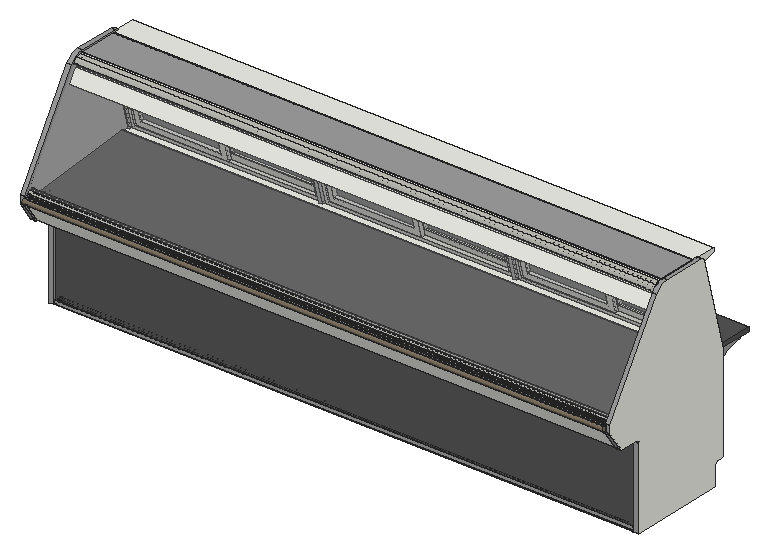
Revit family "R1-MN_2014", category Specialty Equipment, Revit 2014
Parameters (values of type "12'-0" Length")
  Width = 144"
  Waste Drain = 1 1/2"  # constant formula
  URL = "www.hussmann.com"
  Type Comments = "Chino"  # constant formula
  Trim = Stainless Steel
  Total Weight = Case Weight + (2 * End Weight)  # 0.00 lbf
  Splashguard = Textured Sheet Metal (Steel Painted) - 701 Black
  Side Panel - Right [instance] = yes
  Side Panel - Left [instance] = yes
  Shelves = Sheet Metal (Steel Painted) - 701 Black
  Revit Family Date = "04/20/2016"  # constant formula
  Refrigeration Lines Suction = 5/8"  # constant formula
  Refrigeration Lines Liquid = 3/8"  # constant formula
  Refrig. Suction = "Suction"
  Refrig. Liquid = "Liquid"
  Number of Supports = if(Width < 50", 2, if(Width < 100", 3, 4))  # 4
  Note from Manufacturer = "This model only comes in 4'-0\", 5'-0\", 6'-0\", 8'-0\", 10'-0\" and 12'-0\" lengths."
  Model URL = "http://www.hussmann.com/en/product%20viewer/display-cases/R1-MN,%20CR1-MN,%20R1-FN,%20CR1-FN"
  Model = "R1-MN"  # constant formula
  Manufacturer Disclaimer = "The information in this file is not intended to be an exact representation of the corresponding Hussmann product.  Further, we reserve the right to change or revise specifications and product design in connection with any feature of our products. Such changes do not entitle the buyer to corresponding changes, improvements, additions, or replacements for equipment previously sold or shipped."  # constant formula
  Manufacturer = "Hussmann Corporation"  # constant formula
  Height = 52 1/4"  # constant formula
  Glazing = Glass
  Ends = Textured Sheet Metal (Steel Painted) - 149 White Satin Matte
  End Weight = 0.00 lbf  # constant formula
  Door Frame = Plastic - 144 Mist Gray
  Description = "Narrow Footprint Service Merchandiser for Meat Seafood - Straight Glass"  # constant formula
  Depth = 35 3/8"  # constant formula
  Cutsheet URL = "http://www.hussmann.com/en/Technical%20Documents/R1-MN,%20R1-FN_ds_En.pdf"
  Close Off Panel = Textured Sheet Metal (Steel Painted) - 701 Black
  Case Weight = if(Width = 48", 0.00 lbf, if(Width = 60", 0.00 lbf, if(Width = 72", 0.00 lbf, if(Width = 96", 0.00 lbf, if(Width = 120", 0.00 lbf, if(Width = 144", 0.00 lbf, 0.00 lbf))))))  # 0.00 lbf
  Case Top Shelf = Stainless Steel
  Case Interior - Side Panel = Stainless Steel
  Case Interior - Back Panel = Stainless Steel
  Case = Textured Sheet Metal (Steel Painted) - 149 White Satin Matte
  Bumper = Extruded PVC - 747 Chocolate Brown
  Assembly Code = ""
  Accessories/Options = ""
  8 Case = Width = 96"  # no
  6 Case = Width = 72"  # no
  5 Case = Width = 60"  # no
  4 Case = Width = 48"  # no
  12 Case = Width = 144"  # yes
  10 Case = Width = 120"  # no
Reference planes (in)
  plane 1 "Back": y = 0
  plane 2 "Bottom": z = 0
  plane 3 "Left": x = -77.30699
  plane 4 "Front": y = -35.375
  plane 5 "Center (Left/Right)": x = -5.30699
  plane 6: x = -78.43199
  plane 7 "Right": x = 66.69301
  plane 8: x = 67.81801
  plane 9: z = 30
  plane 10: z = 52.25
Forms (in)
  Extrusion 1, solid, material "Metal - Copper"
    sketch origin (57.40105, 5, -0.375) x (1, 0, 0) y (0, 1, 0)
      loop
        circle (6.97946, -27.375) r 0.28859
      loop
        circle (6.97946, -27.375) r 0.3125
    from 4.26162 to 0.375
  Extrusion 2, solid, material "Metal - Copper"
    sketch origin (59.82608, 5, -0.375) x (1, 0, 0) y (0, 1, 0)
      loop
        circle (5.05443, -27.375) r 0.17188
      loop
        circle (5.05443, -27.375) r 0.1875
    from 4.26162 to 0.375
  Extrusion 3, solid, material "Metal - Copper"
    sketch origin (-56.6875, 1.04319, 0) x (1, 0, 0) y (0, 1, 0)
      loop
        arc (57.38051, -17.29319) -> (56.85018, -17.51286) -> (56.63051, -18.04319) r 0.75
        arc (56.63051, -18.04319) -> (56.85018, -18.57352) -> (57.38051, -18.79319) r 0.75
        arc (57.38051, -18.79319) -> (57.91084, -18.57352) -> (58.13051, -18.04319) r 0.75
        arc (58.13051, -18.04319) -> (57.91084, -17.51286) -> (57.38051, -17.29319) r 0.75
      loop
        circle (57.38051, -18.04319) r 0.7102
    from 24.99156 to 4.93193
  Extrusion 4, solid, material "Textured Sheet Metal (Steel Painted) - 149 White Satin Matte" <- "Case"
    sketch origin (-77.30699, 0, 0) x (0, 1, 0) y (0, 0, 1)
      loop
        line (-30.96672, 21.06432) -> (-25.40014, 21.06432) -> (-25.40014, 23.42906) -> (-3.34539, 23.42906) -> (-3.34539, 22.16643) -> (-0.27239, 22.16643) -> (-0.27239, 29.18715) -> (-0.98482, 29.18715) -> (-2.04199, 28.90389) -> (-2.11789, 29.18715) -> (-4.09438, 29.18715) -> (-4.09438, 25.60021) -> (-15.14426, 24.99156) -> (-19.14426, 24.99156) -> (-28.95154, 25.61227) -> (-32.12765, 27.446) -> (-32.12765, 28.17431) -> (-32.80458, 28.17431) -> (-33.46384, 27.31514) -> (-34.47813, 27.79886) -> (-34.50504, 27.74244) -> (-34.50504, 26.30682) -> (-30.96672, 21.06432)
      loop
        spline (-18.2878, 46.64674) -> (-18.28341, 46.59034) -> (-18.27422, 46.53453) -> (-18.26029, 46.4797) -> (-18.24173, 46.42626) -> (-18.21867, 46.3746) -> (-18.19129, 46.3251) -> (-18.15977, 46.27812) -> (-18.12436, 46.234) -> (-18.08531, 46.19306) -> (-18.04291, 46.15561) -> (-17.99746, 46.12191) -> (-17.9493, 46.09222)
        line (-17.9493, 46.09222) -> (-15.84359, 44.91503)
        spline (-15.84359, 44.91503) -> (-15.83408, 44.90986) -> (-15.82435, 44.9051) -> (-15.81443, 44.90077) -> (-15.80433, 44.89688) -> (-15.79407, 44.89342) -> (-15.78367, 44.89042) -> (-15.77315, 44.88786) -> (-15.76252, 44.88576) -> (-15.75182, 44.88413) -> (-15.74106, 44.88296) -> (-15.73026, 44.88226) -> (-15.71943, 44.88202)
        line (-15.71943, 44.88202) -> (-12.357, 44.88202)
        spline (-12.357, 44.88202) -> (-12.35154, 44.88196) -> (-12.34609, 44.88179) -> (-12.34065, 44.88149) -> (-12.33521, 44.88107) -> (-12.32979, 44.88054) -> (-12.32437, 44.87989) -> (-12.31898, 44.87912) -> (-12.3136, 44.87823) -> (-12.30824, 44.87722) -> (-12.3029, 44.8761) -> (-12.29759, 44.87487) -> (-12.29231, 44.87351)
        line (-12.29231, 44.87351) -> (-10.46491, 44.38409)
        arc (-10.46491, 44.38409) -> (-10.3284, 44.40208) -> (-10.24457, 44.51132) r 0.17993
        line (-10.24457, 44.51132) -> (-9.91496, 45.74108)
        arc (-9.91496, 45.74108) -> (-9.87327, 45.84171) -> (-9.80694, 45.92812) r 0.41714
        line (-9.80694, 45.92812) -> (-9.50259, 46.23235)
        arc (-9.50259, 46.23235) -> (-9.4629, 46.28405) -> (-9.43795, 46.34427) r 0.24962
        line (-9.43795, 46.34427) -> (-8.88858, 48.39393)
        spline (-8.88858, 48.39393) -> (-8.88834, 48.40743) -> (-8.88628, 48.42076) -> (-8.88245, 48.4337) -> (-8.87691, 48.44601) -> (-8.86976, 48.45745) -> (-8.86114, 48.46784) -> (-8.8512, 48.47696) -> (-8.84012, 48.48467) -> (-8.8281, 48.49081) -> (-8.81537, 48.49528) -> (-8.80215, 48.498) -> (-8.78869, 48.49891)
        line (-8.78869, 48.49891) -> (-8.19126, 48.49891) -> (-8.5491, 49.83433) -> (-6.26045, 49.83433) -> (-5.62893, 50.01575) -> (-5.73631, 50.47827) -> (-5.51064, 50.53874) -> (-5.38898, 50.08468) -> (-1.09423, 51.31845) -> (-1.09423, 52.326) -> (-7.24048, 52.326) -> (-7.24048, 51.90126) -> (-17.14248, 51.90126) -> (-17.14248, 52.27133) -> (-17.24222, 52.27133)
        arc (-17.24222, 52.27133) -> (-17.41159, 52.04813) -> (-17.49839, 51.78172) r 0.84252
        arc (-17.49839, 51.78172) -> (-17.51191, 51.48734) -> (-17.46723, 51.19605) r 1.49024
        arc (-17.46723, 51.19605) -> (-17.30579, 51.10121) -> (-17.14248, 51.19277) r 0.18807
        line (-17.14248, 51.19277) -> (-17.14248, 49.76933) -> (-19.09326, 49.76933) -> (-20.87746, 46.94915) -> (-20.68211, 46.94915) -> (-20.00505, 48.01933) -> (-18.33581, 48.01933) -> (-18.2878, 46.64674)
    from 0 to 144 <- "Width"
  Extrusion 5, solid, material "Textured Sheet Metal (Steel Painted) - 701 Black" <- "Close Off Panel"
    sketch origin (-77.30699, 0, 0) x (0, 1, 0) y (0, 0, 1)
      loop
        line (-24.84706, 22.55058) -> (-25.34706, 22.55058) -> (-25.34706, 0.25) -> (-24.84706, 0.25) -> (-24.84706, 22.55058)
    from 0 to 144 <- "Width"
  Extrusion 6, solid, material "Stainless Steel"
    sketch origin (-77.30699, 0, 0) x (0, 1, 0) y (0, 0, 1)
      loop
        line (-25.49133, 0.092) -> (-25.49133, 1) -> (-25.55333, 1) -> (-25.55333, 0.092)
        arc (-25.55333, 0.092) -> (-25.52638, 0.02695) -> (-25.46133, 0) r 0.092
        line (-25.46133, 0) -> (-24.75206, 0)
        arc (-24.75206, 0) -> (-24.68701, 0.02695) -> (-24.66006, 0.092) r 0.092
        line (-24.66006, 0.092) -> (-24.66006, 0.846)
        arc (-24.66006, 0.846) -> (-24.62843, 0.76963) -> (-24.55206, 0.738) r 0.108
        line (-24.55206, 0.738) -> (-23.82806, 0.738)
        arc (-23.82806, 0.738) -> (-23.80685, 0.72921) -> (-23.79806, 0.708) r 0.03
        line (-23.79806, 0.708) -> (-23.79806, 0.108)
        arc (-23.79806, 0.108) -> (-23.76643, 0.03163) -> (-23.69006, 0) r 0.108
        line (-23.69006, 0) -> (-22.09006, 0)
        arc (-22.09006, 0) -> (-22.0137, 0.03163) -> (-21.98206, 0.108) r 0.108
        line (-21.98206, 0.108) -> (-21.98206, 0.708)
        arc (-21.98206, 0.708) -> (-21.97328, 0.72921) -> (-21.95206, 0.738) r 0.03
        line (-21.95206, 0.738) -> (-21.24606, 0.738) -> (-21.24606, 0.816) -> (-21.95206, 0.816)
        arc (-21.95206, 0.816) -> (-22.02843, 0.78437) -> (-22.06006, 0.708) r 0.108
        line (-22.06006, 0.708) -> (-22.06006, 0.108)
        arc (-22.06006, 0.108) -> (-22.06885, 0.08679) -> (-22.09006, 0.078) r 0.03
        line (-22.09006, 0.078) -> (-22.13106, 0.078) -> (-23.65499, 0.078) -> (-23.69006, 0.078)
        arc (-23.69006, 0.078) -> (-23.71128, 0.08679) -> (-23.72006, 0.108) r 0.03
        line (-23.72006, 0.108) -> (-23.72006, 0.708)
        arc (-23.72006, 0.708) -> (-23.7517, 0.78437) -> (-23.82806, 0.816) r 0.108
        line (-23.82806, 0.816) -> (-24.55206, 0.816)
        arc (-24.55206, 0.816) -> (-24.57328, 0.82479) -> (-24.58206, 0.846) r 0.03
        line (-24.58206, 0.846) -> (-24.58206, 1.614) -> (-24.66006, 1.614) -> (-24.72206, 1.614) -> (-24.72206, 0.092)
        arc (-24.72206, 0.092) -> (-24.73085, 0.07079) -> (-24.75206, 0.062) r 0.03
        line (-24.75206, 0.062) -> (-25.46133, 0.062)
        arc (-25.46133, 0.062) -> (-25.48254, 0.07079) -> (-25.49133, 0.092) r 0.03
      loop
        line (-5.6802, 0.816) -> (-5.6802, 0.738) -> (-4.9742, 0.738)
        arc (-4.9742, 0.738) -> (-4.95298, 0.72921) -> (-4.9442, 0.708) r 0.03
        line (-4.9442, 0.708) -> (-4.9442, 0.108)
        arc (-4.9442, 0.108) -> (-4.91256, 0.03163) -> (-4.8362, 0) r 0.108
        line (-4.8362, 0) -> (-3.2362, 0)
        arc (-3.2362, 0) -> (-3.15983, 0.03163) -> (-3.1282, 0.108) r 0.108
        line (-3.1282, 0.108) -> (-3.1282, 0.708)
        arc (-3.1282, 0.708) -> (-3.11941, 0.72921) -> (-3.0982, 0.738) r 0.03
        line (-3.0982, 0.738) -> (-2.3742, 0.738)
        arc (-2.3742, 0.738) -> (-2.29783, 0.76963) -> (-2.2662, 0.846) r 0.108
        line (-2.2662, 0.846) -> (-2.2662, 1.614) -> (-2.3442, 1.614) -> (-2.3442, 0.816) -> (-3.0982, 0.816)
        arc (-3.0982, 0.816) -> (-3.17456, 0.78437) -> (-3.2062, 0.708) r 0.108
        line (-3.2062, 0.708) -> (-3.2062, 0.078) -> (-4.79099, 0.078) -> (-4.8662, 0.078) -> (-4.8662, 0.708)
        arc (-4.8662, 0.708) -> (-4.89783, 0.78437) -> (-4.9742, 0.816) r 0.108
        line (-4.9742, 0.816) -> (-5.6802, 0.816)
      loop
        arc (-34.46545, 27.83461) -> (-34.52727, 27.82972) -> (-34.55686, 27.77522) r 0.065
        line (-34.55686, 27.77522) -> (-34.55686, 25.97822)
        arc (-34.55686, 25.97822) -> (-34.49186, 25.91322) -> (-34.42686, 25.97822) r 0.065
        line (-34.42686, 25.97822) -> (-34.42686, 26.19099) -> (-34.46186, 26.24285) -> (-34.46186, 25.97822)
        arc (-34.46186, 25.97822) -> (-34.49186, 25.94822) -> (-34.52186, 25.97822) r 0.03
        line (-34.52186, 25.97822) -> (-34.52186, 27.77522)
        arc (-34.52186, 27.77522) -> (-34.50821, 27.80037) -> (-34.47967, 27.80263) r 0.03
        line (-34.47967, 27.80263) -> (-34.25552, 27.70293) -> (-34.2413, 27.73491) -> (-34.46545, 27.83461)
      loop
        line (-31.92017, 28.21086) -> (-31.92017, 27.49715)
        arc (-31.92017, 27.49715) -> (-31.91146, 27.46465) -> (-31.88767, 27.44085) r 0.065
        line (-31.88767, 27.44085) -> (-31.35628, 27.13405) -> (-30.92326, 26.88405) -> (-30.39187, 26.57725) -> (-30.28362, 26.51475) -> (-29.759, 26.21186)
        arc (-29.759, 26.21186) -> (-29.73778, 26.20414) -> (-29.71521, 26.20414) r 0.065
        line (-29.71521, 26.20414) -> (-28.88879, 26.34986)
        arc (-28.88879, 26.34986) -> (-28.86637, 26.34489) -> (-28.85403, 26.32553) r 0.03
        line (-28.85403, 26.32553) -> (-28.75741, 25.77756)
        arc (-28.75741, 25.77756) -> (-28.73068, 25.7356) -> (-28.68211, 25.72483) r 0.065
        line (-28.68211, 25.72483) -> (-27.45412, 25.94136)
        arc (-27.45412, 25.94136) -> (-27.4317, 25.93639) -> (-27.41936, 25.91703) r 0.03
        line (-27.41936, 25.91703) -> (-27.36906, 25.63173)
        arc (-27.36906, 25.63173) -> (-27.34894, 25.59507) -> (-27.31065, 25.57826) r 0.065
        line (-27.31065, 25.57826) -> (-26.85786, 25.53905) -> (-26.85484, 25.57392) -> (-27.30763, 25.61313)
        arc (-27.30763, 25.61313) -> (-27.3253, 25.62089) -> (-27.33459, 25.6378) r 0.03
        line (-27.33459, 25.6378) -> (-27.3849, 25.9231)
        arc (-27.3849, 25.9231) -> (-27.41163, 25.96506) -> (-27.4602, 25.97583) r 0.065
        line (-27.4602, 25.97583) -> (-28.68819, 25.7593)
        arc (-28.68819, 25.7593) -> (-28.71061, 25.76427) -> (-28.72294, 25.78363) r 0.03
        line (-28.72294, 25.78363) -> (-28.81956, 26.33161)
        arc (-28.81956, 26.33161) -> (-28.84629, 26.37356) -> (-28.89486, 26.38433) r 0.065
        line (-28.89486, 26.38433) -> (-29.73204, 26.23671) -> (-30.26612, 26.54506) -> (-30.37437, 26.60756) -> (-30.90576, 26.91436) -> (-31.33878, 27.16436) -> (-31.87017, 27.47117)
        arc (-31.87017, 27.47117) -> (-31.88115, 27.48215) -> (-31.88517, 27.49715) r 0.03
        line (-31.88517, 27.49715) -> (-31.88517, 28.19844)
        arc (-31.88517, 28.19844) -> (-31.89012, 28.22331) -> (-31.90421, 28.2444) r 0.065
        line (-31.90421, 28.2444) -> (-32.3976, 28.73779)
        arc (-32.3976, 28.73779) -> (-32.44782, 28.75669) -> (-32.49514, 28.73139) r 0.065
        line (-32.49514, 28.73139) -> (-33.40093, 27.55053) -> (-33.52884, 27.34976) -> (-33.49932, 27.33095) -> (-33.37142, 27.53172) -> (-32.46737, 28.71009)
        arc (-32.46737, 28.71009) -> (-32.44553, 28.72177) -> (-32.42235, 28.71304) r 0.03
        line (-32.42235, 28.71304) -> (-31.92017, 28.21086)
    from 0 to 144 <- "Width"
  Extrusion 7, solid, material "Extruded PVC - 747 Chocolate Brown" <- "Bumper"
    sketch origin (-77.30699, 0, 0) x (0, 1, 0) y (0, 0, 1)
      loop
        line (-34.55686, 26.32272) -> (-34.55686, 27.44772) -> (-34.87277, 27.44772)
        arc (-34.87277, 27.44772) -> (-35.375, 26.88522) -> (-34.87277, 26.32272) r 0.56612
        line (-34.87277, 26.32272) -> (-34.55686, 26.32272)
    from 0 to 144 <- "Width"
  Extrusion 8, solid, material "Glass" <- "Glazing"
    sketch origin (-77.30699, 0, 0) x (0, 1, 0) y (0, 0, 1)
      loop
        line (-33.71779, 28.13894) -> (-33.50691, 28.00466) -> (-18.73702, 51.20165) -> (-18.9479, 51.33592) -> (-33.71779, 28.13894)
    from 0 to 144 <- "Width"
  Extrusion 9, solid, material "Stainless Steel" <- "Case Interior - Back Panel"
    sketch origin (-77.30699, 0, 0) x (0, 1, 0) y (0, 0, 1)
      loop
        line (-0.24906, 7.28528) -> (-15.30136, 7.28528) -> (-15.30136, 23.36643) -> (-15.34936, 23.36643) -> (-15.34936, 7.23728) -> (-0.28406, 7.23728) -> (-0.28406, 5.91743)
        arc (-0.28406, 5.91743) -> (-0.29285, 5.89622) -> (-0.31406, 5.88743) r 0.03
        line (-0.31406, 5.88743) -> (-0.94208, 5.88743)
        arc (-0.94208, 5.88743) -> (-0.96506, 5.89814) -> (-0.97162, 5.92264) r 0.03
        line (-0.97162, 5.92264) -> (-0.93342, 6.1393) -> (-0.96789, 6.14537) -> (-1.00609, 5.92872)
        arc (-1.00609, 5.92872) -> (-0.99187, 5.87565) -> (-0.94208, 5.85243) r 0.065
        line (-0.94208, 5.85243) -> (-0.31406, 5.85243)
        arc (-0.31406, 5.85243) -> (-0.2681, 5.87147) -> (-0.24906, 5.91743) r 0.065
        line (-0.24906, 5.91743) -> (-0.24906, 7.28528)
    from 0 to 144 <- "Width"
  Extrusion 10, solid, material "Stainless Steel"
    sketch origin (-77.30699, 0, 0) x (0, 1, 0) y (0, 0, 1)
      loop
        line (-2.2662, 1.614) -> (-2.2662, 6.49443) -> (-0.34418, 6.49443) -> (-0.40618, 6.55643) -> (-2.33206, 6.55643) -> (-2.33206, 1.614) -> (-2.2662, 1.614)
    from 0 to 144 <- "Width"
  Extrusion 11, solid, material "Plastic - 144 Mist Gray" <- "Door Frame"
    sketch origin (-77.30699, 0, 0) x (0, 1, 0) y (0, 0, 1)
      loop
        line (-33.72482, 28.14341) -> (-33.33865, 28.7499) -> (-33.39093, 28.78319) -> (-33.7771, 28.17669)
        arc (-33.7771, 28.17669) -> (-33.78532, 28.12996) -> (-33.7581, 28.0911) r 0.062
        line (-33.7581, 28.0911) -> (-33.54746, 27.95793)
        arc (-33.54746, 27.95793) -> (-33.50115, 27.9505) -> (-33.46279, 27.9775) r 0.06227
        line (-33.46279, 27.9775) -> (-33.44451, 28.00667)
        arc (-33.44451, 28.00667) -> (-33.40567, 28.03351) -> (-33.3592, 28.02522) r 0.062
        line (-33.3592, 28.02522) -> (-33.2959, 27.98492)
        arc (-33.2959, 27.98492) -> (-33.23508, 28.02186) -> (-33.23153, 28.09294) r 0.07595
        line (-33.23153, 28.09294) -> (-33.27324, 28.04573) -> (-33.37666, 28.11156) -> (-33.1091, 28.53194) -> (-33.00372, 28.46485) -> (-33.03947, 28.40802)
        arc (-33.03947, 28.40802) -> (-32.9717, 28.43804) -> (-32.96107, 28.51139) r 0.07661
        line (-32.96107, 28.51139) -> (-33.12047, 28.61159) -> (-33.50691, 28.00466) -> (-33.72482, 28.14341)
      loop
        arc (-18.63187, 51.85636) -> (-19.2171, 51.39473) -> (-19.4787, 50.69676) r 1.38647
        arc (-19.4787, 50.69676) -> (-19.45904, 50.65784) -> (-19.41544, 50.65808) r 0.04142
        line (-19.41544, 50.65808) -> (-19.4265, 50.719) -> (-19.37252, 50.72951) -> (-19.35591, 50.75559) -> (-19.32851, 50.73815) -> (-18.9479, 51.33592) -> (-18.73702, 51.20165) -> (-19.11763, 50.60388) -> (-19.09023, 50.58643) -> (-19.1319, 50.52089)
        arc (-19.1319, 50.52089) -> (-19.13976, 50.47638) -> (-19.11385, 50.43934) r 0.05906
        line (-19.11385, 50.43934) -> (-19.01426, 50.37585)
        arc (-19.01426, 50.37585) -> (-18.99942, 50.37323) -> (-18.98707, 50.38187) r 0.01969
        line (-18.98707, 50.38187) -> (-18.85205, 50.59368) -> (-18.83137, 50.56357) -> (-18.7405, 50.62598) -> (-18.78767, 50.69466) -> (-18.73709, 50.774) -> (-18.66911, 50.67502) -> (-18.60745, 50.71737) -> (-18.57309, 50.66735) -> (-18.83938, 50.47387)
        arc (-18.83938, 50.47387) -> (-18.84725, 50.46103) -> (-18.84374, 50.44638) r 0.01969
        line (-18.84374, 50.44638) -> (-18.46465, 49.92461)
        arc (-18.46465, 49.92461) -> (-18.37375, 49.84079) -> (-18.25759, 49.79842) r 0.31496
        line (-18.25759, 49.79842) -> (-18.06789, 49.76933) -> (-17.14248, 49.76933) -> (-17.14248, 50.46293) -> (-18.02173, 51.98584)
        arc (-18.02173, 51.98584) -> (-17.73464, 52.03241) -> (-17.44456, 52.05343) r 3.28694
        arc (-17.44456, 52.05343) -> (-17.4063, 52.0937) -> (-17.44639, 52.13215) r 0.03937
        arc (-17.44639, 52.13215) -> (-18.05367, 52.05676) -> (-18.63187, 51.85636) r 2.91774
    from 0 to 144 <- "Width"
  Extrusion 12, solid, material "Sheet Metal (Steel Painted) - 701 Black" <- "Shelves"
    sketch origin (-77.30699, 0, 0) x (0, 1, 0) y (0, 0, 1)
      loop
        line (-31.04299, 27.0696) -> (-31.45611, 27.35437)
        arc (-31.45611, 27.35437) -> (-31.53023, 27.33928) -> (-31.51234, 27.26579) r 0.0525
        line (-31.51234, 27.26579) -> (-31.18835, 27.07696) -> (-31.17073, 27.10719) -> (-31.49472, 27.29603)
        arc (-31.49472, 27.29603) -> (-31.50068, 27.32052) -> (-31.47597, 27.32555) r 0.0175
        line (-31.47597, 27.32555) -> (-31.07184, 27.04698)
        arc (-31.07184, 27.04698) -> (-31.05131, 27.03759) -> (-31.02881, 27.03579) r 0.065
        line (-31.02881, 27.03579) -> (-4.64726, 29.53943)
        arc (-4.64726, 29.53943) -> (-4.62831, 29.53486) -> (-4.61616, 29.51961) r 0.03
        line (-4.61616, 29.51961) -> (-4.54023, 29.30609) -> (-4.50726, 29.31781) -> (-4.58319, 29.53134)
        arc (-4.58319, 29.53134) -> (-4.6095, 29.56438) -> (-4.65057, 29.57427) r 0.065
        line (-4.65057, 29.57427) -> (-31.04299, 27.0696)
    from 0 to 144 <- "Width"
  Extrusion 13, solid, material "Textured Sheet Metal (Steel Painted) - 149 White Satin Matte" <- "Ends", visible <- "Side Panel - Left"
    sketch origin (-77.30699, 0, 0) x (0, 1, 0) y (0, 0, 1)
      loop
        arc (-16.63329, 52.50452) -> (-18.55768, 52.01119) -> (-20.00739, 50.65287) r 4
        line (-20.00739, 50.65287) -> (-34.55686, 27.80208) -> (-34.55686, 25.90352)
        arc (-34.55686, 25.90352) -> (-34.54539, 25.82867) -> (-34.51203, 25.76068) r 0.25
        line (-34.51203, 25.76068) -> (-31.22177, 21.03474)
        arc (-31.22177, 21.03474) -> (-31.04289, 20.87723) -> (-30.81142, 20.82043) r 0.5
        line (-30.81142, 20.82043) -> (-26.34809, 20.82043)
        arc (-26.34809, 20.82043) -> (-25.85312, 20.6154) -> (-25.64809, 20.12043) r 0.7
        line (-25.64809, 20.12043) -> (-25.64809, 0) -> (-1.99218, 0) -> (-1.99218, 4.74571)
        arc (-1.99218, 4.74571) -> (-1.78716, 5.24069) -> (-1.29218, 5.44571) r 0.7
        line (-1.29218, 5.44571) -> (-0.30473, 5.44571)
        arc (-0.30473, 5.44571) -> (0.19024, 5.65074) -> (0.39527, 6.14571) r 0.7
        line (0.39527, 6.14571) -> (0.39527, 29.37082)
        arc (0.39527, 29.37082) -> (0.38946, 29.46084) -> (0.37212, 29.54936) r 0.7
        line (0.37212, 29.54936) -> (-5.5455, 51.98307)
        arc (-5.5455, 51.98307) -> (-5.79514, 52.35904) -> (-6.22235, 52.50452) r 0.7
        line (-6.22235, 52.50452) -> (-16.63329, 52.50452)
    from 0 to -1.125
  Extrusion 14, solid, material "Textured Sheet Metal (Steel Painted) - 149 White Satin Matte" <- "Ends", visible <- "Side Panel - Right"
    sketch origin (18.69301, 0, 0) x (0, 1, 0) y (0, 0, -1)
      loop
        line (-16.63329, -52.50452) -> (-6.22235, -52.50452)
        arc (-6.22235, -52.50452) -> (-5.79514, -52.35904) -> (-5.5455, -51.98307) r 0.7
        line (-5.5455, -51.98307) -> (0.37212, -29.54936)
        arc (0.37212, -29.54936) -> (0.38946, -29.46084) -> (0.39527, -29.37082) r 0.7
        line (0.39527, -29.37082) -> (0.39527, -6.14571)
        arc (0.39527, -6.14571) -> (0.19024, -5.65074) -> (-0.30473, -5.44571) r 0.7
        line (-0.30473, -5.44571) -> (-1.29218, -5.44571)
        arc (-1.29218, -5.44571) -> (-1.78716, -5.24069) -> (-1.99218, -4.74571) r 0.7
        line (-1.99218, -4.74571) -> (-1.99218, 0) -> (-25.64809, 0) -> (-25.64809, -20.12043)
        arc (-25.64809, -20.12043) -> (-25.85312, -20.6154) -> (-26.34809, -20.82043) r 0.7
        line (-26.34809, -20.82043) -> (-30.81142, -20.82043)
        arc (-30.81142, -20.82043) -> (-31.04289, -20.87723) -> (-31.22177, -21.03474) r 0.5
        line (-31.22177, -21.03474) -> (-34.51203, -25.76068)
        arc (-34.51203, -25.76068) -> (-34.54539, -25.82867) -> (-34.55686, -25.90352) r 0.25
        line (-34.55686, -25.90352) -> (-34.55686, -27.80208) -> (-20.00739, -50.65287)
        arc (-20.00739, -50.65287) -> (-18.55768, -52.01119) -> (-16.63329, -52.50452) r 4
    from -48 to -49.125
  Extrusion 15, solid, material "Stainless Steel" <- "Case Top Shelf"
    sketch origin (-77.30699, 0, 0) x (0, 1, 0) y (0, 0, 1)
      loop
        line (-7.28259, 51.90126) -> (-7.28259, 52.233)
        arc (-7.28259, 52.233) -> (-7.30983, 52.29876) -> (-7.37559, 52.326) r 0.093
        line (-7.37559, 52.326) -> (-17.03575, 52.326)
        arc (-17.03575, 52.326) -> (-17.10151, 52.29876) -> (-17.12875, 52.233) r 0.093
        line (-17.12875, 52.233) -> (-17.12875, 51.90126) -> (-7.28259, 51.90126)
    from 0 to 144 <- "Width"
  Extrusion 16, solid, material "Stainless Steel" <- "Case Interior - Back Panel", visible <- "12 Case"
    sketch origin (-77.30699, 0, 0) x (0, 1, 0) y (0, 0, 1)
      loop
        line (-2.77626, 29.18715) -> (-0.03157, 29.18715) -> (-5.56377, 49.83433) -> (-8.30865, 49.83433) -> (-2.77626, 29.18715)
    from 0 to 0.5
  Extrusion 17, solid, material "Stainless Steel" <- "Case Interior - Back Panel", visible <- "12 Case"
    sketch origin (-77.30699, 0, 0) x (0, 1, 0) y (0, 0, 1)
      loop
        line (-2.77626, 29.18715) -> (-0.03157, 29.18715) -> (-5.56377, 49.83433) -> (-8.30865, 49.83433) -> (-2.77626, 29.18715)
    from 47.5 to 48.5
  Extrusion 18, solid, material "Stainless Steel" <- "Case Interior - Back Panel", visible <- "12 Case"
    sketch origin (-77.30699, 0, 0) x (0, 1, 0) y (0, 0, 1)
      loop
        line (-2.77626, 29.18715) -> (-0.03157, 29.18715) -> (-5.56377, 49.83433) -> (-8.30865, 49.83433) -> (-2.77626, 29.18715)
    from 95.5 to 96.5
  Extrusion 19, solid, material "Stainless Steel" <- "Case Interior - Back Panel", visible <- "12 Case"
    sketch origin (-77.30699, 0, 0) x (0, 1, 0) y (0, 0, 1)
      loop
        line (-2.77626, 29.18715) -> (-0.03157, 29.18715) -> (-5.56377, 49.83433) -> (-8.30865, 49.83433) -> (-2.77626, 29.18715)
    from 143.5 to 144
  Extrusion 20, solid, material "Stainless Steel" <- "Case Interior - Back Panel", visible <- "10 Case"
    sketch origin (-77.30699, 0, 0) x (0, 1, 0) y (0, 0, 1)
      loop
        line (-2.77626, 29.18715) -> (-0.03157, 29.18715) -> (-5.56377, 49.83433) -> (-8.30865, 49.83433) -> (-2.77626, 29.18715)
    from 0 to 0.5
  Extrusion 21, solid, material "Stainless Steel" <- "Case Interior - Back Panel", visible <- "10 Case"
    sketch origin (-77.30699, 0, 0) x (0, 1, 0) y (0, 0, 1)
      loop
        line (-2.77626, 29.18715) -> (-0.03157, 29.18715) -> (-5.56377, 49.83433) -> (-8.30865, 49.83433) -> (-2.77626, 29.18715)
    from 59.5 to 60.5
  Extrusion 22, solid, material "Stainless Steel" <- "Case Interior - Back Panel", visible <- "10 Case"
    sketch origin (-77.30699, 0, 0) x (0, 1, 0) y (0, 0, 1)
      loop
        line (-2.77626, 29.18715) -> (-0.03157, 29.18715) -> (-5.56377, 49.83433) -> (-8.30865, 49.83433) -> (-2.77626, 29.18715)
    from 119.5 to 120
  Extrusion 23, solid, material "Stainless Steel" <- "Case Interior - Back Panel", visible <- "8 Case"
    sketch origin (-77.30699, 0, 0) x (0, 1, 0) y (0, 0, 1)
      loop
        line (-2.77626, 29.18715) -> (-0.03157, 29.18715) -> (-5.56377, 49.83433) -> (-8.30865, 49.83433) -> (-2.77626, 29.18715)
    from 0 to 0.5
  Extrusion 24, solid, material "Stainless Steel" <- "Case Interior - Back Panel", visible <- "8 Case"
    sketch origin (-77.30699, 0, 0) x (0, 1, 0) y (0, 0, 1)
      loop
        line (-2.77626, 29.18715) -> (-0.03157, 29.18715) -> (-5.56377, 49.83433) -> (-8.30865, 49.83433) -> (-2.77626, 29.18715)
    from 47.5 to 48.5
  Extrusion 25, solid, material "Stainless Steel" <- "Case Interior - Back Panel", visible <- "8 Case"
    sketch origin (-77.30699, 0, 0) x (0, 1, 0) y (0, 0, 1)
      loop
        line (-2.77626, 29.18715) -> (-0.03157, 29.18715) -> (-5.56377, 49.83433) -> (-8.30865, 49.83433) -> (-2.77626, 29.18715)
    from 95.5 to 96
  Extrusion 26, solid, material "Stainless Steel" <- "Case Interior - Back Panel", visible <- "6 Case"
    sketch origin (-77.30699, 0, 0) x (0, 1, 0) y (0, 0, 1)
      loop
        line (-2.77626, 29.18715) -> (-0.03157, 29.18715) -> (-5.56377, 49.83433) -> (-8.30865, 49.83433) -> (-2.77626, 29.18715)
    from 0 to 0.5
  Extrusion 27, solid, material "Stainless Steel" <- "Case Interior - Back Panel", visible <- "6 Case"
    sketch origin (-77.30699, 0, 0) x (0, 1, 0) y (0, 0, 1)
      loop
        line (-2.77626, 29.18715) -> (-0.03157, 29.18715) -> (-5.56377, 49.83433) -> (-8.30865, 49.83433) -> (-2.77626, 29.18715)
    from 71.5 to 72
  Extrusion 28, solid, material "Stainless Steel" <- "Case Interior - Back Panel", visible <- "5 Case"
    sketch origin (-77.30699, 0, 0) x (0, 1, 0) y (0, 0, 1)
      loop
        line (-2.77626, 29.18715) -> (-0.03157, 29.18715) -> (-5.56377, 49.83433) -> (-8.30865, 49.83433) -> (-2.77626, 29.18715)
    from 0 to 0.5
  Extrusion 29, solid, material "Stainless Steel" <- "Case Interior - Back Panel", visible <- "5 Case"
    sketch origin (-77.30699, 0, 0) x (0, 1, 0) y (0, 0, 1)
      loop
        line (-2.77626, 29.18715) -> (-0.03157, 29.18715) -> (-5.56377, 49.83433) -> (-8.30865, 49.83433) -> (-2.77626, 29.18715)
    from 59.5 to 60
  Extrusion 30, solid, material "Stainless Steel" <- "Case Interior - Back Panel", visible <- "4 Case"
    sketch origin (-77.30699, 0, 0) x (0, 1, 0) y (0, 0, 1)
      loop
        line (-2.77626, 29.18715) -> (-0.03157, 29.18715) -> (-5.56377, 49.83433) -> (-8.30865, 49.83433) -> (-2.77626, 29.18715)
    from 0 to 0.5
  Extrusion 31, solid, material "Stainless Steel" <- "Case Interior - Back Panel", visible <- "4 Case"
    sketch origin (-77.30699, 0, 0) x (0, 1, 0) y (0, 0, 1)
      loop
        line (-2.77626, 29.18715) -> (-0.03157, 29.18715) -> (-5.56377, 49.83433) -> (-8.30865, 49.83433) -> (-2.77626, 29.18715)
    from 47.5 to 48
  Extrusion 32, solid, material "Stainless Steel" <- "Case Interior - Back Panel", visible <- "12 Case", not visible
    sketch origin (-77.30699, 0, 0) x (0, 1, 0) y (0, 0, 1)
      loop
        line (-2.77626, 29.18715) -> (-0.03157, 29.18715) -> (-5.56377, 49.83433) -> (-8.30865, 49.83433) -> (-2.77626, 29.18715)
    from 0 to 0.5
  Extrusion 33, solid, material "Stainless Steel" <- "Case Interior - Back Panel", visible <- "12 Case", not visible
    sketch origin (-77.30699, 0, 0) x (0, 1, 0) y (0, 0, 1)
      loop
        line (-2.77626, 29.18715) -> (-0.03157, 29.18715) -> (-5.56377, 49.83433) -> (-8.30865, 49.83433) -> (-2.77626, 29.18715)
    from 47.5 to 48.5
  Extrusion 34, solid, material "Stainless Steel" <- "Case Interior - Back Panel", visible <- "12 Case", not visible
    sketch origin (-77.30699, 0, 0) x (0, 1, 0) y (0, 0, 1)
      loop
        line (-2.77626, 29.18715) -> (-0.03157, 29.18715) -> (-5.56377, 49.83433) -> (-8.30865, 49.83433) -> (-2.77626, 29.18715)
    from 95.5 to 96.5
  Extrusion 35, solid, material "Stainless Steel" <- "Case Interior - Back Panel", visible <- "12 Case", not visible
    sketch origin (-77.30699, 0, 0) x (0, 1, 0) y (0, 0, 1)
      loop
        line (-2.77626, 29.18715) -> (-0.03157, 29.18715) -> (-5.56377, 49.83433) -> (-8.30865, 49.83433) -> (-2.77626, 29.18715)
    from 143.5 to 144
  Extrusion 36, solid, material "Stainless Steel" <- "Case Interior - Back Panel", visible <- "10 Case", not visible
    sketch origin (-77.30699, 0, 0) x (0, 1, 0) y (0, 0, 1)
      loop
        line (-2.77626, 29.18715) -> (-0.03157, 29.18715) -> (-5.56377, 49.83433) -> (-8.30865, 49.83433) -> (-2.77626, 29.18715)
    from 0 to 0.5
  Extrusion 37, solid, material "Stainless Steel" <- "Case Interior - Back Panel", visible <- "10 Case", not visible
    sketch origin (-77.30699, 0, 0) x (0, 1, 0) y (0, 0, 1)
      loop
        line (-2.77626, 29.18715) -> (-0.03157, 29.18715) -> (-5.56377, 49.83433) -> (-8.30865, 49.83433) -> (-2.77626, 29.18715)
    from 59.5 to 60.5
  Extrusion 38, solid, material "Stainless Steel" <- "Case Interior - Back Panel", visible <- "10 Case", not visible
    sketch origin (-77.30699, 0, 0) x (0, 1, 0) y (0, 0, 1)
      loop
        line (-2.77626, 29.18715) -> (-0.03157, 29.18715) -> (-5.56377, 49.83433) -> (-8.30865, 49.83433) -> (-2.77626, 29.18715)
    from 119.5 to 120
  Extrusion 39, solid, material "Stainless Steel" <- "Case Interior - Back Panel", visible <- "8 Case", not visible
    sketch origin (-77.30699, 0, 0) x (0, 1, 0) y (0, 0, 1)
      loop
        line (-2.77626, 29.18715) -> (-0.03157, 29.18715) -> (-5.56377, 49.83433) -> (-8.30865, 49.83433) -> (-2.77626, 29.18715)
    from 0 to 0.5
  Extrusion 40, solid, material "Stainless Steel" <- "Case Interior - Back Panel", visible <- "8 Case", not visible
    sketch origin (-77.30699, 0, 0) x (0, 1, 0) y (0, 0, 1)
      loop
        line (-2.77626, 29.18715) -> (-0.03157, 29.18715) -> (-5.56377, 49.83433) -> (-8.30865, 49.83433) -> (-2.77626, 29.18715)
    from 47.5 to 48.5
  Extrusion 41, solid, material "Stainless Steel" <- "Case Interior - Back Panel", visible <- "8 Case", not visible
    sketch origin (-77.30699, 0, 0) x (0, 1, 0) y (0, 0, 1)
      loop
        line (-2.77626, 29.18715) -> (-0.03157, 29.18715) -> (-5.56377, 49.83433) -> (-8.30865, 49.83433) -> (-2.77626, 29.18715)
    from 95.5 to 96
  Extrusion 42, solid, material "Stainless Steel" <- "Case Interior - Back Panel", visible <- "6 Case", not visible
    sketch origin (-77.30699, 0, 0) x (0, 1, 0) y (0, 0, 1)
      loop
        line (-2.77626, 29.18715) -> (-0.03157, 29.18715) -> (-5.56377, 49.83433) -> (-8.30865, 49.83433) -> (-2.77626, 29.18715)
    from 0 to 0.5
  Extrusion 43, solid, material "Stainless Steel" <- "Case Interior - Back Panel", visible <- "6 Case", not visible
    sketch origin (-77.30699, 0, 0) x (0, 1, 0) y (0, 0, 1)
      loop
        line (-2.77626, 29.18715) -> (-0.03157, 29.18715) -> (-5.56377, 49.83433) -> (-8.30865, 49.83433) -> (-2.77626, 29.18715)
    from 71.5 to 72
  Extrusion 44, solid, material "Stainless Steel" <- "Case Interior - Back Panel", visible <- "5 Case", not visible
    sketch origin (-77.30699, 0, 0) x (0, 1, 0) y (0, 0, 1)
      loop
        line (-2.77626, 29.18715) -> (-0.03157, 29.18715) -> (-5.56377, 49.83433) -> (-8.30865, 49.83433) -> (-2.77626, 29.18715)
    from 0 to 0.5
  Extrusion 45, solid, material "Stainless Steel" <- "Case Interior - Back Panel", visible <- "5 Case", not visible
    sketch origin (-77.30699, 0, 0) x (0, 1, 0) y (0, 0, 1)
      loop
        line (-2.77626, 29.18715) -> (-0.03157, 29.18715) -> (-5.56377, 49.83433) -> (-8.30865, 49.83433) -> (-2.77626, 29.18715)
    from 59.5 to 60
  Extrusion 46, solid, material "Stainless Steel" <- "Case Interior - Back Panel", visible <- "4 Case", not visible
    sketch origin (-77.30699, 0, 0) x (0, 1, 0) y (0, 0, 1)
      loop
        line (-2.77626, 29.18715) -> (-0.03157, 29.18715) -> (-5.56377, 49.83433) -> (-8.30865, 49.83433) -> (-2.77626, 29.18715)
    from 0 to 0.5
  Extrusion 47, solid, material "Stainless Steel" <- "Case Interior - Back Panel", visible <- "4 Case", not visible
    sketch origin (-77.30699, 0, 0) x (0, 1, 0) y (0, 0, 1)
      loop
        line (-2.77626, 29.18715) -> (-0.03157, 29.18715) -> (-5.56377, 49.83433) -> (-8.30865, 49.83433) -> (-2.77626, 29.18715)
    from 47.5 to 48
Lines and regions (in)
  reference lines
    curve 1: line (0.69301, -35.375, 0) -> (0.69301, 0, 0)
    curve 2: line (64.69301, -35.375, 0) -> (64.69301, 0, 0)
    curve 3: line (-77.30699, -17, 0) -> (66.69301, -17, 0)
    curve 4: line (66.69301, -22.375, 0) -> (-77.30699, -22.375, 0)
    curve 5: line (-75.30699, 3.1829, 0) -> (-75.30699, -42.8171, 0)
Dimensions and locks (in)
  equal spacing: plane 3 "Left", plane 5 "Center (Left/Right)", plane 7 "Right"
  plane 6 to plane 3 "Left" = 1 1/8"
  "Width": plane 3 "Left" to plane 7 "Right"
  locked: plane 5 "Center (Left/Right)" to curve 1 at 6
  "Depth": plane 4 "Front" to plane 1 "Back"
  curve 2 to plane 7 "Right" = 2"
  locked: plane 1 "Back" to curve 3 at 17
  locked: plane 1 "Back" to curve 4 at 22.375
  locked: plane 7 "Right" to plane 8 at 1.125
  locked: Extrusion 3 sketch curve to Extrusion 3 sketch curve at 0.0398
  locked: Extrusion 2 sketch curve to Extrusion 2 sketch curve at 0.01562
  locked: Extrusion 1 sketch curve to Extrusion 1 sketch curve at 0.02391
  "Height": plane 10 to level
  plane 3 "Left" to curve 5 = 2"
  equal spacing: group 1, group 3, group 4, group 2  (x3)
  "Waste Drain": diameter of Extrusion 3 sketch curve
  "Refrigeration Lines Liquid": diameter of Extrusion 2 sketch curve
  "Refrigeration Lines Suction": diameter of Extrusion 1 sketch curve
  aligned and locked: plane 4 "Front" to curve 1
  aligned and locked: plane 3 "Left" to curve 3
  aligned and locked: plane 3 "Left" to curve 4
  aligned and locked: plane 7 "Right" to curve 4
  aligned and locked: plane 7 "Right" to curve 3
  aligned and locked: Extrusion 1 to level
  aligned and locked: Extrusion 2 to level
  aligned and locked: curve 4 to Extrusion 2 sketch curve  (x4)
  aligned and locked: curve 4 to Extrusion 1 sketch curve  (x4)
  aligned and locked: curve 3 to Extrusion 3 sketch curve
  aligned and locked: curve 1 to Extrusion 3 sketch curve
  aligned and locked: curve 2 to Extrusion 2 sketch curve
  aligned and locked: curve 2 to Extrusion 1 sketch curve
  aligned and locked: curve 5 to nested 1
  aligned and locked: curve 2 to nested 2
  aligned and locked: plane 3 "Left" to nested 3
  aligned and locked: nested 3 to Extrusion 4
  aligned and locked: Extrusion 4 to nested 5
  aligned and locked: plane 3 "Left" to nested 5
  aligned and locked: plane 3 "Left" to nested 4
  aligned and locked: Extrusion 14 to plane 7 "Right"
  aligned and locked: plane 8 to Extrusion 14
  aligned and locked: Extrusion 15 to plane 3 "Left"
Automatic sketch dimensions
  curve 2 to plane 4 "Front" = 0"
  plane 1 "Back" to curve 1 = 0"
  plane 1 "Back" to curve 2 = 0"
  curve 5 to plane 4 "Front" = 7.4421"
  curve 5 to plane 1 "Back" = 3.1829"
  plane 4 "Front" to Extrusion 4 sketch curve = 0.86996"
  Extrusion 4 sketch curve to Extrusion 4 sketch curve = 0.0269"
  Extrusion 4 sketch curve to Extrusion 4 sketch curve = 1.01429"
  Extrusion 4 sketch curve to Extrusion 4 sketch curve = 0.65926"
  Extrusion 4 sketch curve to Extrusion 4 sketch curve = 0.67693"
  plane 4 "Front" to Extrusion 4 sketch curve = 4.40828"
  Extrusion 4 sketch curve to Extrusion 4 sketch curve = 3.17611"
  Extrusion 4 sketch curve to Extrusion 4 sketch curve = 3.5514"
  Extrusion 4 sketch curve to plane 10 = 5.30085"
  plane 4 "Front" to Extrusion 4 sketch curve = 14.49754"
  Extrusion 4 sketch curve to Extrusion 4 sketch curve = 0.19535"
  Extrusion 4 sketch curve to plane 10 = 4.23067"
  Extrusion 4 sketch curve to Extrusion 4 sketch curve = 0.67705"
  Extrusion 4 sketch curve to Extrusion 4 sketch curve = 6.25588"
  Extrusion 4 sketch curve to plane 10 = 2.48067"
  Extrusion 4 sketch curve to Extrusion 4 sketch curve = 0.91179"
  Extrusion 4 sketch curve to Extrusion 4 sketch curve = 1.66924"
  Extrusion 4 sketch curve to plane 10 = 5.60326"
  Extrusion 4 sketch curve to Extrusion 4 sketch curve = 0.04801"
  Extrusion 4 sketch curve to plane 10 = 6.15778"
  Extrusion 4 sketch curve to Extrusion 4 sketch curve = 0.3385"
  Extrusion 4 sketch curve to plane 10 = 0.96073"
  Extrusion 4 sketch curve to Extrusion 4 sketch curve = 1.78937"
  plane 10 to Extrusion 4 sketch curve = 0.02133"
  Extrusion 4 sketch curve to Extrusion 4 sketch curve = 0.06167"
  Extrusion 4 sketch curve to Extrusion 4 sketch curve = 0.09975"
  Extrusion 4 sketch curve to plane 10 = 1.05723"
  Extrusion 4 sketch curve to Extrusion 4 sketch curve = 0.16142"
  Extrusion 4 sketch curve to Extrusion 4 sketch curve = 0"  (x4)
  Extrusion 4 sketch curve to Extrusion 4 sketch curve = 0.4774"
  Extrusion 4 sketch curve to Extrusion 4 sketch curve = 0.6413"
  Extrusion 4 sketch curve to Extrusion 4 sketch curve = 2.10571"
  Extrusion 4 sketch curve to Extrusion 4 sketch curve = 0.12416"
  Extrusion 4 sketch curve to Extrusion 4 sketch curve = 4"
  Extrusion 4 sketch curve to Extrusion 4 sketch curve = 3.36243"
  Extrusion 4 sketch curve to Extrusion 4 sketch curve = 0.06468"
  Extrusion 4 sketch curve to Extrusion 4 sketch curve = 1.8274"
  Extrusion 4 sketch curve to Extrusion 4 sketch curve = 0.04655"
  Extrusion 4 sketch curve to Extrusion 4 sketch curve = 0.17379"
  Extrusion 4 sketch curve to plane 10 = 6.50892"
  Extrusion 4 sketch curve to Extrusion 4 sketch curve = 0.32961"
  Extrusion 4 sketch curve to plane 10 = 6.32188"
  Extrusion 4 sketch curve to Extrusion 4 sketch curve = 0.10802"
  Extrusion 4 sketch curve to Extrusion 4 sketch curve = 0.12788"
  Extrusion 4 sketch curve to Extrusion 4 sketch curve = 0.2949"
  Extrusion 4 sketch curve to plane 10 = 6.01765"
  Extrusion 4 sketch curve to Extrusion 4 sketch curve = 0.17647"
  Extrusion 4 sketch curve to plane 10 = 5.90573"
  Extrusion 4 sketch curve to Extrusion 4 sketch curve = 0.06464"
  Extrusion 4 sketch curve to plane 10 = 3.85607"
  Extrusion 4 sketch curve to Extrusion 4 sketch curve = 0.54937"
  Extrusion 4 sketch curve to Extrusion 4 sketch curve = 0.09989"
  Extrusion 4 sketch curve to plane 10 = 2.41567"
  Extrusion 4 sketch curve to Extrusion 4 sketch curve = 0.23959"
  Extrusion 4 sketch curve to plane 10 = 3.75109"
  Extrusion 4 sketch curve to Extrusion 4 sketch curve = 0.59742"
  plane 10 to Extrusion 4 sketch curve = 0.076"
  Extrusion 4 sketch curve to Extrusion 4 sketch curve = 1.30862"
  Extrusion 4 sketch curve to Extrusion 4 sketch curve = 0.98002"
  Extrusion 4 sketch curve to plane 10 = 1.77173"
  Extrusion 4 sketch curve to Extrusion 4 sketch curve = 0.52414"
  Extrusion 4 sketch curve to plane 10 = 2.23425"
  Extrusion 4 sketch curve to Extrusion 4 sketch curve = 0.10738"
  Extrusion 4 sketch curve to plane 10 = 1.71126"
  Extrusion 4 sketch curve to Extrusion 4 sketch curve = 0.22567"
  Extrusion 4 sketch curve to plane 10 = 2.16532"
  plane 1 "Back" to Extrusion 4 sketch curve = 4.09438"
  Extrusion 4 sketch curve to Extrusion 4 sketch curve = 0.74899"
  Extrusion 4 sketch curve to plane 9 = 0.81285"  (x2)
  Extrusion 4 sketch curve to Extrusion 4 sketch curve = 1.97649"
  Extrusion 4 sketch curve to plane 9 = 1.09611"
  Extrusion 4 sketch curve to Extrusion 4 sketch curve = 0.0759"
  plane 1 "Back" to Extrusion 4 sketch curve = 1.09423"
  plane 1 "Back" to Extrusion 4 sketch curve = 0.27239"
  Extrusion 4 sketch curve to plane 9 = 1.82569"
  Extrusion 4 sketch curve to Extrusion 4 sketch curve = 0.37545"
  Extrusion 4 sketch curve to Extrusion 4 sketch curve = 0.05641"
  Extrusion 4 sketch curve to Extrusion 4 sketch curve = 0.72831"
  Extrusion 4 sketch curve to Extrusion 4 sketch curve = 1.43563"
  Extrusion 4 sketch curve to Extrusion 4 sketch curve = 1.83373"
  Extrusion 4 sketch curve to Extrusion 4 sketch curve = 3.58694"
  Extrusion 4 sketch curve to plane 9 = 5.00844"
  Extrusion 4 sketch curve to Extrusion 4 sketch curve = 2.18321"
  Extrusion 4 sketch curve to Extrusion 4 sketch curve = 1.26264"
  Extrusion 4 sketch curve to Extrusion 4 sketch curve = 4.54795"
  Extrusion 4 sketch curve to Extrusion 4 sketch curve = 1.35699"
  Extrusion 4 sketch curve to Extrusion 4 sketch curve = 0.12722"
  Extrusion 4 sketch curve to Extrusion 4 sketch curve = 0.48942"
  Extrusion 4 sketch curve to Extrusion 4 sketch curve = 1.2102"
  Extrusion 4 sketch curve to Extrusion 4 sketch curve = 0.00851"
  Extrusion 4 sketch curve to Extrusion 4 sketch curve = 0.03301"
  Extrusion 4 sketch curve to plane 10 = 0.93155"
  Extrusion 4 sketch curve to plane 10 = 0.68348"
  Extrusion 4 sketch curve to plane 10 = 0.59246"
  Extrusion 4 sketch curve to plane 10 = 0.34874"
  Extrusion 4 sketch curve to Extrusion 4 sketch curve = 0.00054"
  Extrusion 4 sketch curve to Extrusion 4 sketch curve = 0.32309"
  Extrusion 4 sketch curve to Extrusion 4 sketch curve = 0.35592"
  Extrusion 4 sketch curve to Extrusion 4 sketch curve = 0.1214"
  Extrusion 4 sketch curve to Extrusion 4 sketch curve = 0.24952"
  Extrusion 4 sketch curve to Extrusion 4 sketch curve = 0.07802"
  plane 4 "Front" to Extrusion 5 sketch curve = 10.02794"
  Extrusion 5 sketch curve to Extrusion 5 sketch curve = 1/2"
  level to Extrusion 5 sketch curve = 1/4"
  Extrusion 5 sketch curve to plane 9 = 7.44942"
  Extrusion 6 sketch curve to Extrusion 6 sketch curve = 0"  (x34)
  Extrusion 6 sketch curve to level = 0"  (x3)
  plane 4 "Front" to Extrusion 6 sketch curve = 0.81814"
  Extrusion 6 sketch curve to Extrusion 6 sketch curve = 0.035"  (x2)
  Extrusion 6 sketch curve to Extrusion 6 sketch curve = 0.03"  (x14)
  Extrusion 6 sketch curve to Extrusion 6 sketch curve = 0.01219"
  Extrusion 6 sketch curve to Extrusion 6 sketch curve = 0.01422"  (x2)
  Extrusion 6 sketch curve to Extrusion 6 sketch curve = 0.22415"
  Extrusion 6 sketch curve to Extrusion 6 sketch curve = 0.72668"
  Extrusion 6 sketch curve to Extrusion 6 sketch curve = 0.02952"  (x2)
  Extrusion 6 sketch curve to Extrusion 6 sketch curve = 0.12791"
  Extrusion 6 sketch curve to Extrusion 6 sketch curve = 0.87628"
  Extrusion 6 sketch curve to plane 9 = 1.28991"
  Extrusion 6 sketch curve to Extrusion 6 sketch curve = 0.02777"
  Extrusion 6 sketch curve to Extrusion 6 sketch curve = 0.0238"
  Extrusion 6 sketch curve to plane 9 = 1.28696"
  Extrusion 6 sketch curve to Extrusion 6 sketch curve = 0.02121"
  Extrusion 6 sketch curve to plane 9 = 1.26221"
  Extrusion 6 sketch curve to Extrusion 6 sketch curve = 0.02475"
  Extrusion 6 sketch curve to Extrusion 6 sketch curve = 0.49339"
  Extrusion 6 sketch curve to plane 9 = 1.7556"
  Extrusion 6 sketch curve to Extrusion 6 sketch curve = 0.01596"
  Extrusion 6 sketch curve to plane 9 = 2.55915"
  Extrusion 6 sketch curve to Extrusion 6 sketch curve = 0.0325"
  Extrusion 6 sketch curve to plane 9 = 2.52883"
  Extrusion 6 sketch curve to Extrusion 6 sketch curve = 0.53139"  (x2)
  Extrusion 6 sketch curve to Extrusion 6 sketch curve = 0.0175"  (x4)
  Extrusion 6 sketch curve to Extrusion 6 sketch curve = 0.43301"
  Extrusion 6 sketch curve to Extrusion 6 sketch curve = 0.10825"
  Extrusion 6 sketch curve to Extrusion 6 sketch curve = 0.52462"
  Extrusion 6 sketch curve to Extrusion 6 sketch curve = 0.02696"
  Extrusion 6 sketch curve to Extrusion 6 sketch curve = 0.00554"
  Extrusion 6 sketch curve to Extrusion 6 sketch curve = 0.01683"
  Extrusion 6 sketch curve to Extrusion 6 sketch curve = 0.83163"
  Extrusion 6 sketch curve to Extrusion 6 sketch curve = 0.00608"  (x3)
  Extrusion 6 sketch curve to Extrusion 6 sketch curve = 0.00521"  (x5)
  Extrusion 6 sketch curve to plane 9 = 3.67447"
  Extrusion 6 sketch curve to Extrusion 6 sketch curve = 0.02954"  (x4)
  Extrusion 6 sketch curve to plane 9 = 3.66839"
  Extrusion 6 sketch curve to Extrusion 6 sketch curve = 0.03447"  (x5)
  Extrusion 6 sketch curve to Extrusion 6 sketch curve = 0.09662"
  Extrusion 6 sketch curve to plane 9 = 4.2407"
  Extrusion 6 sketch curve to Extrusion 6 sketch curve = 1.22799"
  Extrusion 6 sketch curve to plane 9 = 4.08297"
  Extrusion 6 sketch curve to plane 9 = 4.0769"
  Extrusion 6 sketch curve to Extrusion 6 sketch curve = 0.05031"
  Extrusion 6 sketch curve to plane 9 = 4.3622"
  Extrusion 6 sketch curve to plane 9 = 4.42174"
  Extrusion 6 sketch curve to Extrusion 6 sketch curve = 0.02394"
  Extrusion 6 sketch curve to plane 9 = 4.38687"
  Extrusion 6 sketch curve to Extrusion 6 sketch curve = 0.00302"
  Extrusion 6 sketch curve to Extrusion 6 sketch curve = 0.45279"
  Extrusion 6 sketch curve to plane 9 = 4.42608"
  level to Extrusion 6 sketch curve = 0.092"
  plane 4 "Front" to Extrusion 6 sketch curve = 9.82167"
  Extrusion 6 sketch curve to Extrusion 6 sketch curve = 0.062"  (x2)
  Extrusion 6 sketch curve to Extrusion 6 sketch curve = 0.70926"
  Extrusion 6 sketch curve to Extrusion 6 sketch curve = 0.76926"
  Extrusion 6 sketch curve to Extrusion 6 sketch curve = 0.078"  (x4)
  Extrusion 6 sketch curve to Extrusion 6 sketch curve = 0.724"  (x2)
  Extrusion 6 sketch curve to Extrusion 6 sketch curve = 0.03508"
  Extrusion 6 sketch curve to Extrusion 6 sketch curve = 1.52392"
  Extrusion 6 sketch curve to Extrusion 6 sketch curve = 0.041"
  Extrusion 6 sketch curve to Extrusion 6 sketch curve = 0.706"  (x2)
  level to Extrusion 6 sketch curve = 0.738"
  plane 1 "Back" to Extrusion 6 sketch curve = 5.6802"
  Extrusion 6 sketch curve to Extrusion 6 sketch curve = 0.04521"
  level to Extrusion 6 sketch curve = 0.108"
  Extrusion 6 sketch curve to Extrusion 6 sketch curve = 1.55479"
  Extrusion 6 sketch curve to Extrusion 6 sketch curve = 0.6"  (x3)
  Extrusion 6 sketch curve to Extrusion 6 sketch curve = 0.154"
  Extrusion 6 sketch curve to Extrusion 6 sketch curve = 0.768"  (x2)
  Extrusion 6 sketch curve to Extrusion 6 sketch curve = 0.01826"
  Extrusion 6 sketch curve to Extrusion 6 sketch curve = 1.51893"
  Extrusion 6 sketch curve to Extrusion 6 sketch curve = 0.21277"
  Extrusion 6 sketch curve to Extrusion 6 sketch curve = 0.12139"
  Extrusion 6 sketch curve to Extrusion 6 sketch curve = 0.00772"
  Extrusion 6 sketch curve to Extrusion 6 sketch curve = 0.03144"
  Extrusion 6 sketch curve to Extrusion 6 sketch curve = 0.05186"
  Extrusion 6 sketch curve to Extrusion 6 sketch curve = 0.30289"
  Extrusion 6 sketch curve to Extrusion 6 sketch curve = 0.03031"  (x4)
  Extrusion 6 sketch curve to Extrusion 6 sketch curve = 1/16"
  Extrusion 6 sketch curve to Extrusion 6 sketch curve = 0.3068"
  Extrusion 6 sketch curve to Extrusion 6 sketch curve = 1/4"
  Extrusion 6 sketch curve to Extrusion 6 sketch curve = 1.0881"
  Extrusion 6 sketch curve to Extrusion 6 sketch curve = 0.01881"
  Extrusion 6 sketch curve to Extrusion 6 sketch curve = 0.35317"
  Extrusion 6 sketch curve to Extrusion 6 sketch curve = 0.01243"
  plane 4 "Front" to Extrusion 7 sketch curve = 0.50223"  (x2)
  Extrusion 7 sketch curve to Extrusion 7 sketch curve = 0.06388"
  Extrusion 7 sketch curve to Extrusion 7 sketch curve = 0.31591"
  Extrusion 7 sketch curve to plane 9 = 3.67728"
  Extrusion 7 sketch curve to Extrusion 7 sketch curve = 9/16"
  plane 4 "Front" to Extrusion 8 sketch curve = 1.65721"
  Extrusion 8 sketch curve to Extrusion 8 sketch curve = 0.21088"
  Extrusion 8 sketch curve to plane 10 = 117/128"
  plane 4 "Front" to Extrusion 8 sketch curve = 16.4271"
  Extrusion 8 sketch curve to Extrusion 8 sketch curve = 0.13427"
  Extrusion 9 sketch curve to Extrusion 9 sketch curve = 0"  (x4)
  level to Extrusion 9 sketch curve = 7.23728"
  plane 1 "Back" to Extrusion 9 sketch curve = 15.34936"
  Extrusion 9 sketch curve to Extrusion 9 sketch curve = 0.048"  (x2)
  plane 1 "Back" to Extrusion 9 sketch curve = 1.00609"
  Extrusion 9 sketch curve to Extrusion 9 sketch curve = 0.03447"  (x2)
  Extrusion 9 sketch curve to Extrusion 9 sketch curve = 0.0382"
  Extrusion 9 sketch curve to Extrusion 9 sketch curve = 0.02954"
  plane 1 "Back" to Extrusion 9 sketch curve = 0.31406"
  plane 1 "Back" to Extrusion 9 sketch curve = 0.28406"
  Extrusion 9 sketch curve to Extrusion 9 sketch curve = 0.035"
  Extrusion 9 sketch curve to Extrusion 9 sketch curve = 1.0919"
  Extrusion 9 sketch curve to Extrusion 9 sketch curve = 0.00521"
  Extrusion 9 sketch curve to plane 9 = 6.63357"
  plane 1 "Back" to Extrusion 10 sketch curve = 2.33206"
  Extrusion 10 sketch curve to Extrusion 10 sketch curve = 0.06587"
  plane 1 "Back" to Extrusion 10 sketch curve = 0.40618"
  Extrusion 10 sketch curve to Extrusion 10 sketch curve = 0.062"  (x2)
  level to Extrusion 10 sketch curve = 1.614"
  Extrusion 10 sketch curve to Extrusion 10 sketch curve = 4.88043"
  plane 4 "Front" to Extrusion 11 sketch curve = 1.5979"
  Extrusion 11 sketch curve to Extrusion 11 sketch curve = 0.019"
  Extrusion 11 sketch curve to Extrusion 11 sketch curve = 0.05228"  (x2)
  Extrusion 11 sketch curve to Extrusion 11 sketch curve = 0.00002"
  Extrusion 11 sketch curve to Extrusion 11 sketch curve = 0.21064"
  Extrusion 11 sketch curve to Extrusion 11 sketch curve = 0.03229"
  Extrusion 11 sketch curve to Extrusion 11 sketch curve = 0.00826"
  Extrusion 11 sketch curve to Extrusion 11 sketch curve = 0.04412"
  Extrusion 11 sketch curve to Extrusion 11 sketch curve = 0.01829"
  Extrusion 11 sketch curve to Extrusion 11 sketch curve = 0.05201"
  Extrusion 11 sketch curve to Extrusion 11 sketch curve = 0.38617"
  Extrusion 11 sketch curve to Extrusion 11 sketch curve = 0.06784"
  Extrusion 11 sketch curve to Extrusion 11 sketch curve = 0.0333"
  Extrusion 11 sketch curve to Extrusion 11 sketch curve = 0.05888"
  Extrusion 11 sketch curve to Extrusion 11 sketch curve = 0.0633"
  Extrusion 11 sketch curve to Extrusion 11 sketch curve = 0.02708"
  Extrusion 11 sketch curve to Extrusion 11 sketch curve = 0.0417"
  Extrusion 11 sketch curve to plane 9 = 1.38841"
  Extrusion 11 sketch curve to Extrusion 11 sketch curve = 0.21818"
  Extrusion 11 sketch curve to Extrusion 11 sketch curve = 0.01137"
  Extrusion 11 sketch curve to Extrusion 11 sketch curve = 0.06964"
  Extrusion 11 sketch curve to Extrusion 11 sketch curve = 0.00673"
  Extrusion 11 sketch curve to Extrusion 11 sketch curve = 0.02902"
  Extrusion 11 sketch curve to Extrusion 11 sketch curve = 0.04266"
  Extrusion 11 sketch curve to plane 10 = 1.55682"
  plane 4 "Front" to Extrusion 11 sketch curve = 15.93757"
  Extrusion 11 sketch curve to plane 10 = 1.531"
  Extrusion 11 sketch curve to Extrusion 11 sketch curve = 0.01094"
  Extrusion 11 sketch curve to plane 10 = 1.59192"
  Extrusion 11 sketch curve to Extrusion 11 sketch curve = 0.022"
  Extrusion 11 sketch curve to plane 10 = 1.52049"
  Extrusion 11 sketch curve to Extrusion 11 sketch curve = 0.05398"
  Extrusion 11 sketch curve to plane 10 = 1.49441"
  Extrusion 11 sketch curve to Extrusion 11 sketch curve = 0.01661"
  Extrusion 11 sketch curve to plane 10 = 1.51185"
  Extrusion 11 sketch curve to plane 10 = 1.72911"
  Extrusion 11 sketch curve to Extrusion 11 sketch curve = 0.19661"
  Extrusion 11 sketch curve to plane 10 = 1.64612"
  Extrusion 11 sketch curve to Extrusion 11 sketch curve = 0.01427"
  Extrusion 11 sketch curve to plane 10 = 1.81066"
  Extrusion 11 sketch curve to Extrusion 11 sketch curve = 0.01805"
  Extrusion 11 sketch curve to plane 10 = 1.66357"
  Extrusion 11 sketch curve to Extrusion 11 sketch curve = 0.0498"
  Extrusion 11 sketch curve to plane 10 = 1.87415"
  Extrusion 11 sketch curve to Extrusion 11 sketch curve = 0.09959"
  Extrusion 11 sketch curve to Extrusion 11 sketch curve = 0.01058"
  Extrusion 11 sketch curve to plane 10 = 1.86813"
  Extrusion 11 sketch curve to Extrusion 11 sketch curve = 0.0166"
  Extrusion 11 sketch curve to plane 10 = 117/128"
  Extrusion 11 sketch curve to plane 10 = 1.65632"
  Extrusion 11 sketch curve to Extrusion 11 sketch curve = 0.23818"
  Extrusion 11 sketch curve to plane 10 = 1.80362"
  Extrusion 11 sketch curve to Extrusion 11 sketch curve = 0.00831"
  Extrusion 11 sketch curve to plane 10 = 1.77613"
  Extrusion 11 sketch curve to Extrusion 11 sketch curve = 0.00435"
  Extrusion 11 sketch curve to plane 10 = 1.68643"
  Extrusion 11 sketch curve to Extrusion 11 sketch curve = 0.02068"
  Extrusion 11 sketch curve to Extrusion 11 sketch curve = 0.01593"
  Extrusion 11 sketch curve to plane 10 = 1.55534"
  Extrusion 11 sketch curve to Extrusion 11 sketch curve = 0.06438"
  Extrusion 11 sketch curve to plane 10 = 1.476"
  Extrusion 11 sketch curve to Extrusion 11 sketch curve = 0.05058"
  Extrusion 11 sketch curve to plane 10 = 1.57498"
  Extrusion 11 sketch curve to Extrusion 11 sketch curve = 0.0714"
  Extrusion 11 sketch curve to plane 10 = 1.53263"
  Extrusion 11 sketch curve to plane 10 = 1.58265"
  Extrusion 11 sketch curve to plane 10 = 2.32539"
  Extrusion 11 sketch curve to Extrusion 11 sketch curve = 0.37909"
  Extrusion 11 sketch curve to plane 10 = 2.45158"
  Extrusion 11 sketch curve to Extrusion 11 sketch curve = 0.20707"
  Extrusion 11 sketch curve to Extrusion 11 sketch curve = 0.04774"
  Extrusion 11 sketch curve to Extrusion 11 sketch curve = 0.11243"
  Extrusion 11 sketch curve to plane 10 = 2.48067"
